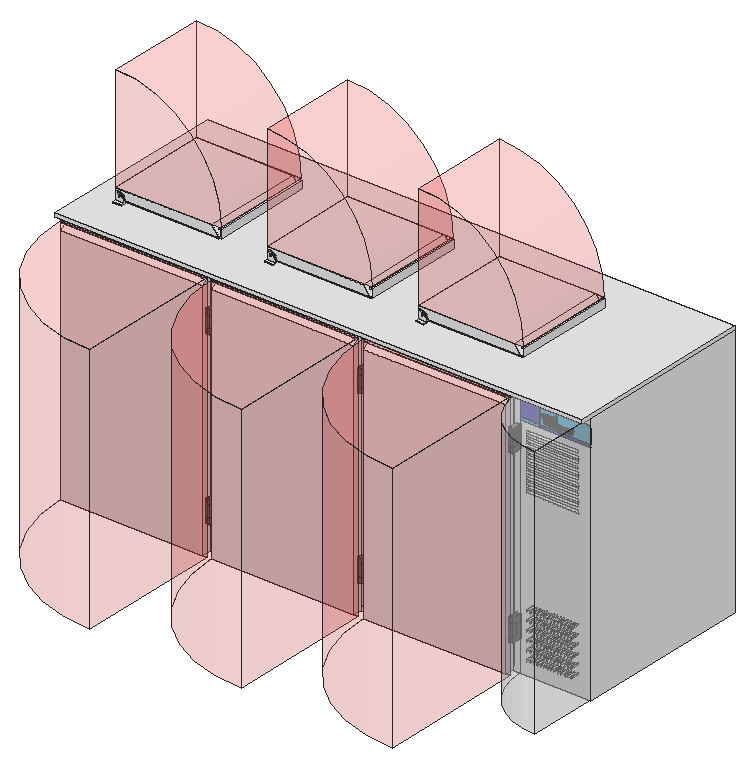
Revit family "QF_Cool-Compact_Abfallkuehler_3x240L_EK", category Sonderausstattung, Revit 2020
Family settings
  Bemaßung runder Anschluss = Durchmesser verwenden
  Teiletyp = Normal
  OmniClass-Nummer = 23.70.30.21.11
  OmniClass-Titel = Complete Solid Waste Removal Systems
  Arbeitsebenenbasiert = Nein
  Immer vertikal = Ja
  Beim Laden mit Abzugskörper schneiden = Nein
  Gemeinsam genutzt = Nein
  Raumberechnungspunkt = Nein
Parameters (values of type "1NAC / 230 V / 50 Hz")
  Zuleitung zum Gerät im Lieferumfang = yes
  Vorgabe-Ansicht = 0 mm
  URL = "https://www.coolcompact.de/"
  Tiefe = 870 mm
  Stecker System = "Schuko / T13"
  Spannung = 230 V
  Schalldruckpegel = "59 dB"
  Phasen = 1
  Notwendige Abstände anzeigen [instance] = yes
  Modell = "AKM032400"
  Länge Gerätebreite = 2400 mm
  Logo anzeigen [instance] = yes
  Kältemittelmenge = 95
  Kältemittel = "R290"
  Kälteleistung = 322 W
  Kälte Verdampfungstemperatur = -15 °C
  Kälte Tauwasserablauf = no
  Kälte Klimaklasse = "5"
  Höhe = 1170 mm
  Hersteller = "Cool Compact"
  Gewicht = 255.00 kg
  Frequenz = 50 Hz
  Watt Leistung = 400 W
  Datenschnittstelle Beschreibung = "RS 485"
  Datenschnittstelle = yes
  CE Kennzeichnung = yes
  Beschreibung = "Konfiskatkühler (3 x 240 Liter), eigengekühlt/steckerfertig"
  Assembly Code = ""
  Keynote = ""
  Anzahl der Pole = 1
Reference planes
  plane 1 "Unten": z = 0
  plane 2 "Links": x = 0
  plane 3 "Vorne": y = -720
  plane 4 "Rechts": x = 2400
  plane 5 "Mitte (Links/rechts)": x = 1200
  plane 6 "Hinten": y = 150
  plane 7 "Mitte (Vorne/hinten)": y = -285
  plane 8 "Oben": z = 1170
Forms (mm)
  Extrusion 1, solid
    sketch origin (0, 140.974, 0) x (1, 0, 0) y (0, 1, 0)
      loop
        line (0, -860.974) -> (2400, -860.974) -> (2400, 9.026) -> (0, 9.026) -> (0, -860.974)
    from 1154 to 1170
  Extrusion 2, solid, material "QF_Plastic-Royal Blue-Matte", visible <- "Logo anzeigen", detail levels fine
    sketch origin (2226.68, -666, 4101.886) x (-1, 0, 0) y (0, 0, 1)
      loop
        line (-173.32, -2980) -> (-173.32, -3056.995) -> (-29.837, -3056.995) -> (-29.837, -3046.791)
        spline (-29.837, -3046.791) -> (-30.186, -3047.048) -> (-30.544, -3047.282) -> (-30.909, -3047.494) -> (-31.283, -3047.683) -> (-31.665, -3047.849) -> (-32.055, -3047.993) -> (-32.455, -3048.115) -> (-32.863, -3048.214) -> (-33.28, -3048.291) -> (-33.707, -3048.346) -> (-34.144, -3048.379) -> (-34.59, -3048.39)
        spline (-34.59, -3048.39) -> (-35.779, -3048.31) -> (-36.911, -3048.077) -> (-37.975, -3047.7) -> (-38.964, -3047.187) -> (-39.868, -3046.548) -> (-40.68, -3045.792) -> (-41.391, -3044.929) -> (-41.991, -3043.967) -> (-42.473, -3042.915) -> (-42.828, -3041.783) -> (-43.047, -3040.58) -> (-43.122, -3039.314)
        spline (-43.122, -3039.314) -> (-43.049, -3037.971) -> (-42.835, -3036.699) -> (-42.487, -3035.507) -> (-42.014, -3034.404) -> (-41.422, -3033.398) -> (-40.721, -3032.499) -> (-39.916, -3031.714) -> (-39.018, -3031.053) -> (-38.032, -3030.523) -> (-36.966, -3030.134) -> (-35.829, -3029.895) -> (-34.628, -3029.813)
        spline (-34.628, -3029.813) -> (-34.163, -3029.823) -> (-33.712, -3029.854) -> (-33.274, -3029.906) -> (-32.848, -3029.98) -> (-32.434, -3030.075) -> (-32.032, -3030.191) -> (-31.641, -3030.329) -> (-31.261, -3030.489) -> (-30.891, -3030.672) -> (-30.53, -3030.876) -> (-30.179, -3031.104) -> (-29.837, -3031.354)
        line (-29.837, -3031.354) -> (-29.837, -3030.2) -> (-25.437, -3030.2) -> (-25.437, -3056.995) -> (58.738, -3056.995)
        arc (58.738, -3056.995) -> (61.207, -3018.528) -> (62.398, -2980) r 1161.123
        line (62.398, -2980) -> (-173.32, -2980)
      loop
        spline (43.108, -3007.333) -> (42.605, -3007.343) -> (42.121, -3007.374) -> (41.652, -3007.426) -> (41.195, -3007.5) -> (40.749, -3007.597) -> (40.31, -3007.717) -> (39.877, -3007.862) -> (39.446, -3008.032) -> (39.016, -3008.227) -> (38.584, -3008.449) -> (38.147, -3008.698) -> (37.704, -3008.976)
        line (37.704, -3008.976) -> (38.75, -3013.854)
        spline (38.75, -3013.854) -> (39.151, -3013.43) -> (39.534, -3013.055) -> (39.901, -3012.726) -> (40.257, -3012.441) -> (40.607, -3012.199) -> (40.954, -3011.995) -> (41.303, -3011.829) -> (41.658, -3011.699) -> (42.023, -3011.601) -> (42.403, -3011.534) -> (42.801, -3011.495) -> (43.222, -3011.483)
        spline (43.222, -3011.483) -> (43.897, -3011.528) -> (44.539, -3011.659) -> (45.142, -3011.872) -> (45.703, -3012.16) -> (46.216, -3012.52) -> (46.677, -3012.946) -> (47.079, -3013.432) -> (47.42, -3013.974) -> (47.693, -3014.566) -> (47.895, -3015.203) -> (48.019, -3015.881) -> (48.061, -3016.594)
        spline (48.061, -3016.594) -> (48.019, -3017.296) -> (47.896, -3017.968) -> (47.696, -3018.602) -> (47.426, -3019.193) -> (47.09, -3019.736) -> (46.694, -3020.224) -> (46.242, -3020.653) -> (45.741, -3021.017) -> (45.194, -3021.309) -> (44.609, -3021.525) -> (43.988, -3021.659) -> (43.339, -3021.705)
        spline (43.339, -3021.705) -> (42.883, -3021.692) -> (42.455, -3021.652) -> (42.051, -3021.583) -> (41.664, -3021.481) -> (41.291, -3021.344) -> (40.926, -3021.17) -> (40.565, -3020.956) -> (40.202, -3020.698) -> (39.834, -3020.396) -> (39.454, -3020.045) -> (39.058, -3019.644) -> (38.641, -3019.189)
        line (38.641, -3019.189) -> (37.599, -3024.064)
        spline (37.599, -3024.064) -> (38.113, -3024.377) -> (38.604, -3024.655) -> (39.076, -3024.901) -> (39.535, -3025.116) -> (39.983, -3025.3) -> (40.425, -3025.455) -> (40.865, -3025.582) -> (41.308, -3025.684) -> (41.757, -3025.761) -> (42.217, -3025.814) -> (42.691, -3025.844) -> (43.185, -3025.854)
        spline (43.185, -3025.854) -> (44.468, -3025.772) -> (45.694, -3025.53) -> (46.852, -3025.141) -> (47.932, -3024.613) -> (48.924, -3023.957) -> (49.816, -3023.183) -> (50.6, -3022.301) -> (51.264, -3021.322) -> (51.799, -3020.255) -> (52.193, -3019.111) -> (52.438, -3017.901) -> (52.521, -3016.633)
        spline (52.521, -3016.633) -> (52.439, -3015.336) -> (52.197, -3014.103) -> (51.805, -3012.943) -> (51.273, -3011.866) -> (50.611, -3010.88) -> (49.827, -3009.995) -> (48.931, -3009.221) -> (47.933, -3008.566) -> (46.842, -3008.041) -> (45.668, -3007.654) -> (44.42, -3007.415) -> (43.108, -3007.333)
      loop
        spline (31.356, -3029.852) -> (30.854, -3029.862) -> (30.369, -3029.892) -> (29.9, -3029.944) -> (29.444, -3030.018) -> (28.998, -3030.115) -> (28.559, -3030.235) -> (28.126, -3030.38) -> (27.696, -3030.549) -> (27.266, -3030.745) -> (26.834, -3030.967) -> (26.398, -3031.216) -> (25.955, -3031.494)
        line (25.955, -3031.494) -> (27.005, -3036.387)
        spline (27.005, -3036.387) -> (27.406, -3035.963) -> (27.788, -3035.588) -> (28.155, -3035.26) -> (28.511, -3034.975) -> (28.86, -3034.733) -> (29.207, -3034.53) -> (29.555, -3034.364) -> (29.91, -3034.234) -> (30.275, -3034.136) -> (30.654, -3034.069) -> (31.051, -3034.03) -> (31.471, -3034.018)
        spline (31.471, -3034.018) -> (32.145, -3034.063) -> (32.785, -3034.194) -> (33.388, -3034.406) -> (33.948, -3034.694) -> (34.46, -3035.054) -> (34.919, -3035.478) -> (35.322, -3035.964) -> (35.662, -3036.505) -> (35.934, -3037.096) -> (36.135, -3037.732) -> (36.26, -3038.409) -> (36.302, -3039.121)
        spline (36.302, -3039.121) -> (36.26, -3039.822) -> (36.136, -3040.492) -> (35.937, -3041.125) -> (35.667, -3041.715) -> (35.332, -3042.257) -> (34.936, -3042.744) -> (34.486, -3043.173) -> (33.985, -3043.536) -> (33.44, -3043.828) -> (32.855, -3044.043) -> (32.236, -3044.177) -> (31.588, -3044.223)
        spline (31.588, -3044.223) -> (31.133, -3044.21) -> (30.706, -3044.17) -> (30.302, -3044.101) -> (29.916, -3043.999) -> (29.543, -3043.863) -> (29.179, -3043.689) -> (28.818, -3043.475) -> (28.456, -3043.218) -> (28.088, -3042.916) -> (27.709, -3042.566) -> (27.314, -3042.165) -> (26.898, -3041.711)
        line (26.898, -3041.711) -> (25.852, -3046.601)
        spline (25.852, -3046.601) -> (26.365, -3046.914) -> (26.856, -3047.192) -> (27.328, -3047.438) -> (27.786, -3047.652) -> (28.233, -3047.836) -> (28.675, -3047.991) -> (29.115, -3048.118) -> (29.557, -3048.22) -> (30.006, -3048.296) -> (30.466, -3048.349) -> (30.94, -3048.38) -> (31.433, -3048.39)
        spline (31.433, -3048.39) -> (32.718, -3048.307) -> (33.945, -3048.066) -> (35.105, -3047.676) -> (36.186, -3047.147) -> (37.178, -3046.49) -> (38.072, -3045.716) -> (38.856, -3044.833) -> (39.521, -3043.853) -> (40.056, -3042.785) -> (40.451, -3041.64) -> (40.695, -3040.429) -> (40.779, -3039.16)
        spline (40.779, -3039.16) -> (40.696, -3037.862) -> (40.454, -3036.628) -> (40.062, -3035.467) -> (39.53, -3034.388) -> (38.867, -3033.402) -> (38.082, -3032.516) -> (37.185, -3031.741) -> (36.186, -3031.086) -> (35.095, -3030.56) -> (33.919, -3030.173) -> (32.67, -3029.933) -> (31.356, -3029.852)
      loop
        line (-13.25, -3047.925) -> (-8.85, -3047.925) -> (-8.85, -3037.572)
        spline (-8.85, -3037.572) -> (-8.819, -3036.747) -> (-8.732, -3036.058) -> (-8.598, -3035.495) -> (-8.425, -3035.044) -> (-8.224, -3034.692) -> (-8.003, -3034.428) -> (-7.772, -3034.239) -> (-7.538, -3034.112) -> (-7.312, -3034.035) -> (-7.103, -3033.996) -> (-6.919, -3033.981) -> (-6.77, -3033.979)
        spline (-6.77, -3033.979) -> (-6.526, -3033.989) -> (-6.289, -3034.019) -> (-6.059, -3034.069) -> (-5.837, -3034.137) -> (-5.626, -3034.222) -> (-5.426, -3034.325) -> (-5.238, -3034.445) -> (-5.064, -3034.58) -> (-4.904, -3034.731) -> (-4.761, -3034.896) -> (-4.634, -3035.075) -> (-4.525, -3035.267)
        line (-4.525, -3035.267) -> (-4.032, -3038.346) -> (-4.032, -3047.925) -> (0.367, -3047.925) -> (0.367, -3030.2) -> (-4.032, -3030.2) -> (-4.032, -3031.183)
        arc (-4.032, -3031.183) -> (-7.959, -3029.818) -> (-11.613, -3031.801) r 5.147
        spline (-11.613, -3031.801) -> (-11.907, -3031.488) -> (-12.22, -3031.201) -> (-12.551, -3030.94) -> (-12.9, -3030.706) -> (-13.268, -3030.498) -> (-13.652, -3030.318) -> (-14.054, -3030.165) -> (-14.471, -3030.038) -> (-14.905, -3029.94) -> (-15.355, -3029.869) -> (-15.819, -3029.827) -> (-16.298, -3029.813)
        spline (-16.298, -3029.813) -> (-16.829, -3029.832) -> (-17.347, -3029.891) -> (-17.85, -3029.987) -> (-18.335, -3030.12) -> (-18.8, -3030.288) -> (-19.244, -3030.49) -> (-19.665, -3030.726) -> (-20.059, -3030.994) -> (-20.425, -3031.293) -> (-20.761, -3031.623) -> (-21.065, -3031.981) -> (-21.335, -3032.367)
        spline (-21.335, -3032.367) -> (-21.507, -3032.665) -> (-21.661, -3032.97) -> (-21.799, -3033.285) -> (-21.92, -3033.612) -> (-22.025, -3033.954) -> (-22.115, -3034.311) -> (-22.189, -3034.687) -> (-22.249, -3035.083) -> (-22.295, -3035.501) -> (-22.327, -3035.944) -> (-22.346, -3036.414) -> (-22.352, -3036.912)
        line (-22.352, -3036.912) -> (-22.352, -3047.925) -> (-17.954, -3047.925) -> (-17.954, -3037.338)
        spline (-17.954, -3037.338) -> (-17.935, -3036.62) -> (-17.879, -3036.011) -> (-17.789, -3035.503) -> (-17.668, -3035.087) -> (-17.517, -3034.754) -> (-17.341, -3034.494) -> (-17.14, -3034.299) -> (-16.919, -3034.16) -> (-16.679, -3034.067) -> (-16.423, -3034.012) -> (-16.154, -3033.986) -> (-15.874, -3033.979)
        spline (-15.874, -3033.979) -> (-15.55, -3033.991) -> (-15.229, -3034.033) -> (-14.916, -3034.115) -> (-14.617, -3034.246) -> (-14.335, -3034.436) -> (-14.076, -3034.693) -> (-13.843, -3035.028) -> (-13.642, -3035.45) -> (-13.478, -3035.967) -> (-13.355, -3036.591) -> (-13.277, -3037.329) -> (-13.25, -3038.191)
        line (-13.25, -3038.191) -> (-13.25, -3047.925)
      loop
        spline (-29.643, -3039.237) -> (-29.681, -3038.483) -> (-29.794, -3037.773) -> (-29.978, -3037.11) -> (-30.228, -3036.498) -> (-30.542, -3035.943) -> (-30.916, -3035.447) -> (-31.345, -3035.017) -> (-31.827, -3034.655) -> (-32.358, -3034.365) -> (-32.933, -3034.154) -> (-33.549, -3034.024) -> (-34.203, -3033.979)
        spline (-34.203, -3033.979) -> (-34.84, -3034.024) -> (-35.44, -3034.155) -> (-36.001, -3034.368) -> (-36.517, -3034.659) -> (-36.987, -3035.024) -> (-37.405, -3035.458) -> (-37.769, -3035.957) -> (-38.075, -3036.516) -> (-38.319, -3037.132) -> (-38.498, -3037.8) -> (-38.608, -3038.516) -> (-38.646, -3039.275)
        spline (-38.646, -3039.275) -> (-38.606, -3039.955) -> (-38.491, -3040.605) -> (-38.305, -3041.218) -> (-38.053, -3041.791) -> (-37.739, -3042.316) -> (-37.37, -3042.789) -> (-36.949, -3043.204) -> (-36.481, -3043.556) -> (-35.972, -3043.84) -> (-35.425, -3044.049) -> (-34.847, -3044.178) -> (-34.241, -3044.223)
        spline (-34.241, -3044.223) -> (-33.591, -3044.18) -> (-32.976, -3044.054) -> (-32.399, -3043.85) -> (-31.865, -3043.572) -> (-31.378, -3043.225) -> (-30.943, -3042.813) -> (-30.563, -3042.341) -> (-30.243, -3041.813) -> (-29.987, -3041.235) -> (-29.798, -3040.609) -> (-29.682, -3039.942) -> (-29.643, -3039.237)
      loop
        line (-16.436, -3025.538) -> (-12.038, -3025.538) -> (-12.038, -2995.65) -> (-16.436, -2995.65) -> (-16.436, -3025.538)
      loop
        line (-63.114, -3047.925) -> (-58.715, -3047.925) -> (-58.715, -3046.834)
        spline (-58.715, -3046.834) -> (-58.375, -3047.087) -> (-58.026, -3047.317) -> (-57.669, -3047.523) -> (-57.301, -3047.707) -> (-56.924, -3047.869) -> (-56.536, -3048.009) -> (-56.137, -3048.126) -> (-55.727, -3048.222) -> (-55.305, -3048.296) -> (-54.87, -3048.348) -> (-54.422, -3048.38) -> (-53.961, -3048.39)
        spline (-53.961, -3048.39) -> (-52.772, -3048.308) -> (-51.64, -3048.068) -> (-50.576, -3047.679) -> (-49.588, -3047.151) -> (-48.683, -3046.493) -> (-47.871, -3045.715) -> (-47.161, -3044.826) -> (-46.56, -3043.835) -> (-46.078, -3042.752) -> (-45.724, -3041.586) -> (-45.504, -3040.346) -> (-45.429, -3039.043)
        spline (-45.429, -3039.043) -> (-45.503, -3037.738) -> (-45.718, -3036.502) -> (-46.067, -3035.345) -> (-46.543, -3034.273) -> (-47.137, -3033.296) -> (-47.841, -3032.422) -> (-48.649, -3031.66) -> (-49.552, -3031.017) -> (-50.543, -3030.503) -> (-51.613, -3030.125) -> (-52.755, -3029.892) -> (-53.961, -3029.813)
        spline (-53.961, -3029.813) -> (-54.417, -3029.823) -> (-54.861, -3029.855) -> (-55.292, -3029.907) -> (-55.712, -3029.981) -> (-56.121, -3030.077) -> (-56.519, -3030.195) -> (-56.907, -3030.334) -> (-57.286, -3030.496) -> (-57.655, -3030.681) -> (-58.017, -3030.888) -> (-58.37, -3031.118) -> (-58.715, -3031.371)
        line (-58.715, -3031.371) -> (-58.715, -3030.2) -> (-63.114, -3030.2) -> (-63.114, -3047.925)
      loop
        spline (-69.9, -3039.121) -> (-69.942, -3039.822) -> (-70.066, -3040.492) -> (-70.265, -3041.125) -> (-70.535, -3041.715) -> (-70.87, -3042.257) -> (-71.266, -3042.744) -> (-71.717, -3043.173) -> (-72.218, -3043.536) -> (-72.763, -3043.828) -> (-73.348, -3044.043) -> (-73.967, -3044.177) -> (-74.615, -3044.223)
        spline (-74.615, -3044.223) -> (-75.07, -3044.21) -> (-75.498, -3044.17) -> (-75.902, -3044.101) -> (-76.288, -3043.999) -> (-76.661, -3043.863) -> (-77.025, -3043.689) -> (-77.386, -3043.475) -> (-77.748, -3043.218) -> (-78.116, -3042.916) -> (-78.495, -3042.566) -> (-78.89, -3042.165) -> (-79.305, -3041.711)
        line (-79.305, -3041.711) -> (-80.363, -3046.597)
        spline (-80.363, -3046.597) -> (-79.848, -3046.91) -> (-79.356, -3047.19) -> (-78.882, -3047.436) -> (-78.423, -3047.65) -> (-77.975, -3047.835) -> (-77.532, -3047.99) -> (-77.091, -3048.118) -> (-76.648, -3048.219) -> (-76.198, -3048.296) -> (-75.738, -3048.349) -> (-75.263, -3048.38) -> (-74.769, -3048.39)
        spline (-74.769, -3048.39) -> (-73.484, -3048.307) -> (-72.257, -3048.066) -> (-71.098, -3047.676) -> (-70.017, -3047.147) -> (-69.025, -3046.49) -> (-68.131, -3045.716) -> (-67.347, -3044.833) -> (-66.682, -3043.853) -> (-66.147, -3042.785) -> (-65.752, -3041.64) -> (-65.507, -3040.429) -> (-65.424, -3039.16)
        spline (-65.424, -3039.16) -> (-65.506, -3037.862) -> (-65.749, -3036.628) -> (-66.141, -3035.467) -> (-66.673, -3034.388) -> (-67.336, -3033.402) -> (-68.121, -3032.516) -> (-69.017, -3031.741) -> (-70.016, -3031.086) -> (-71.108, -3030.56) -> (-72.284, -3030.173) -> (-73.533, -3029.933) -> (-74.847, -3029.852)
        spline (-74.847, -3029.852) -> (-75.35, -3029.862) -> (-75.835, -3029.892) -> (-76.304, -3029.944) -> (-76.762, -3030.018) -> (-77.208, -3030.115) -> (-77.647, -3030.236) -> (-78.081, -3030.38) -> (-78.512, -3030.55) -> (-78.942, -3030.746) -> (-79.375, -3030.968) -> (-79.812, -3031.218) -> (-80.256, -3031.496)
        line (-80.256, -3031.496) -> (-79.199, -3036.387)
        spline (-79.199, -3036.387) -> (-78.798, -3035.963) -> (-78.415, -3035.588) -> (-78.048, -3035.26) -> (-77.692, -3034.975) -> (-77.343, -3034.733) -> (-76.996, -3034.53) -> (-76.647, -3034.364) -> (-76.293, -3034.234) -> (-75.928, -3034.136) -> (-75.549, -3034.069) -> (-75.152, -3034.03) -> (-74.731, -3034.018)
        spline (-74.731, -3034.018) -> (-74.058, -3034.063) -> (-73.417, -3034.194) -> (-72.814, -3034.406) -> (-72.255, -3034.694) -> (-71.742, -3035.054) -> (-71.283, -3035.478) -> (-70.881, -3035.964) -> (-70.541, -3036.505) -> (-70.268, -3037.096) -> (-70.067, -3037.732) -> (-69.943, -3038.409) -> (-69.9, -3039.121)
      loop
        spline (-49.905, -3038.927) -> (-49.945, -3038.247) -> (-50.06, -3037.597) -> (-50.246, -3036.983) -> (-50.499, -3036.411) -> (-50.812, -3035.886) -> (-51.182, -3035.413) -> (-51.603, -3034.998) -> (-52.071, -3034.646) -> (-52.58, -3034.363) -> (-53.127, -3034.153) -> (-53.705, -3034.024) -> (-54.311, -3033.98)
        spline (-54.311, -3033.98) -> (-54.97, -3034.022) -> (-55.591, -3034.145) -> (-56.171, -3034.346) -> (-56.706, -3034.62) -> (-57.192, -3034.963) -> (-57.625, -3035.372) -> (-58.001, -3035.841) -> (-58.318, -3036.368) -> (-58.57, -3036.948) -> (-58.756, -3037.577) -> (-58.869, -3038.251) -> (-58.908, -3038.965)
        spline (-58.908, -3038.965) -> (-58.871, -3039.74) -> (-58.763, -3040.464) -> (-58.585, -3041.134) -> (-58.342, -3041.748) -> (-58.035, -3042.302) -> (-57.667, -3042.792) -> (-57.242, -3043.215) -> (-56.762, -3043.569) -> (-56.23, -3043.85) -> (-55.649, -3044.055) -> (-55.021, -3044.18) -> (-54.349, -3044.222)
        spline (-54.349, -3044.222) -> (-53.721, -3044.177) -> (-53.126, -3044.043) -> (-52.568, -3043.827) -> (-52.052, -3043.531) -> (-51.582, -3043.163) -> (-51.161, -3042.725) -> (-50.794, -3042.224) -> (-50.485, -3041.664) -> (-50.237, -3041.049) -> (-50.056, -3040.384) -> (-49.944, -3039.675) -> (-49.905, -3038.927)
      loop
        line (-89.34, -3024.389) -> (-89.34, -3030.201) -> (-92.207, -3030.201) -> (-92.207, -3034.405) -> (-89.34, -3034.405) -> (-89.34, -3047.925) -> (-84.941, -3047.925) -> (-84.941, -3034.405) -> (-83.276, -3034.405) -> (-83.276, -3030.201) -> (-84.941, -3030.201) -> (-84.941, -3024.389) -> (-89.34, -3024.389)
      loop
        line (-0.47, -3016.17) -> (-4.085, -3018.216) -> (-7.468, -3016.556) -> (-8.42, -3017.907) -> (-5.826, -3019.178) -> (-8.549, -3020.718) -> (-7.462, -3022.348) -> (-4.845, -3020.794) -> (-4.959, -3023.833) -> (-3.404, -3023.315) -> (-3.131, -3019.74) -> (0.289, -3017.703) -> (0.289, -3021.729) -> (-2.873, -3023.815) -> (-2.217, -3025.325) -> (0.279, -3023.69) -> (0.224, -3026.839) -> (2.028, -3026.839) -> (1.974, -3023.69) -> (4.47, -3025.326) -> (5.123, -3023.815) -> (1.964, -3021.729) -> (1.964, -3017.705) -> (5.355, -3019.74) -> (5.657, -3023.317) -> (7.21, -3023.833) -> (7.096, -3020.794) -> (9.72, -3022.352) -> (10.765, -3020.714) -> (8.051, -3019.179) -> (10.674, -3017.908) -> (9.721, -3016.556) -> (6.337, -3018.216) -> (2.724, -3016.17) -> (6.338, -3014.147) -> (9.723, -3015.779) -> (10.675, -3014.423) -> (8.052, -3013.18) -> (10.767, -3011.616) -> (9.717, -3010.015) -> (7.096, -3011.572) -> (7.21, -3008.502) -> (5.657, -3009.019) -> (5.355, -3012.625) -> (1.964, -3014.66) -> (1.964, -3010.634) -> (5.123, -3008.518) -> (4.47, -3007.01) -> (1.974, -3008.646) -> (2.028, -3005.497) -> (0.224, -3005.497) -> (0.279, -3008.646) -> (-2.217, -3007.01) -> (-2.872, -3008.518) -> (0.289, -3010.634) -> (0.289, -3014.661) -> (-3.131, -3012.625) -> (-3.404, -3009.02) -> (-4.959, -3008.502) -> (-4.845, -3011.572) -> (-7.459, -3010.018) -> (-8.553, -3011.612) -> (-5.826, -3013.182) -> (-8.424, -3014.425) -> (-7.471, -3015.779) -> (-4.085, -3014.147) -> (-0.47, -3016.17)
      loop
        line (13.639, -3031.033) -> (13.695, -3027.883) -> (11.889, -3027.883) -> (11.943, -3031.033) -> (9.448, -3029.398) -> (8.793, -3030.904) -> (11.955, -3033.02) -> (11.955, -3037.048) -> (8.534, -3035.011) -> (8.263, -3031.406) -> (6.707, -3030.887) -> (6.823, -3033.957) -> (4.208, -3032.406) -> (3.115, -3033.999) -> (5.84, -3035.568) -> (3.243, -3036.812) -> (4.196, -3038.164) -> (7.58, -3036.534) -> (11.193, -3038.556) -> (7.58, -3040.603) -> (4.196, -3038.941) -> (3.246, -3040.295) -> (5.84, -3041.564) -> (3.117, -3043.105) -> (4.203, -3044.735) -> (6.82, -3043.18) -> (6.707, -3046.219) -> (8.263, -3045.703) -> (8.534, -3042.127) -> (11.955, -3040.09) -> (11.955, -3044.116) -> (8.793, -3046.202) -> (9.448, -3047.712) -> (11.943, -3046.075) -> (11.889, -3049.225) -> (13.695, -3049.225) -> (13.639, -3046.075) -> (16.136, -3047.712) -> (16.788, -3046.202) -> (13.629, -3044.116) -> (13.629, -3040.092) -> (17.021, -3042.127) -> (17.324, -3045.703) -> (18.875, -3046.219) -> (18.763, -3043.18) -> (21.386, -3044.739) -> (22.43, -3043.101) -> (19.717, -3041.565) -> (22.339, -3040.295) -> (21.387, -3038.941) -> (18.002, -3040.603) -> (14.39, -3038.556) -> (18.003, -3036.534) -> (21.388, -3038.164) -> (22.342, -3036.81) -> (19.717, -3035.567) -> (22.433, -3034.002) -> (21.381, -3032.402) -> (18.763, -3033.957) -> (18.875, -3030.887) -> (17.324, -3031.406) -> (17.021, -3035.011) -> (13.629, -3037.046) -> (13.629, -3033.02) -> (16.788, -3030.904) -> (16.136, -3029.398) -> (13.639, -3031.033)
      loop
        line (25.295, -3021.729) -> (25.295, -3017.704) -> (28.686, -3019.74) -> (28.991, -3023.317) -> (30.542, -3023.833) -> (30.428, -3020.794) -> (33.051, -3022.352) -> (34.098, -3020.715) -> (31.383, -3019.18) -> (34.005, -3017.908) -> (33.052, -3016.556) -> (29.668, -3018.216) -> (26.055, -3016.17) -> (29.668, -3014.147) -> (33.055, -3015.779) -> (34.007, -3014.424) -> (31.384, -3013.18) -> (34.099, -3011.616) -> (33.047, -3010.015) -> (30.427, -3011.572) -> (30.542, -3008.502) -> (28.99, -3009.02) -> (28.686, -3012.625) -> (25.295, -3014.66) -> (25.295, -3010.634) -> (28.454, -3008.517) -> (27.802, -3007.01) -> (25.305, -3008.646) -> (25.361, -3005.497) -> (23.555, -3005.497) -> (23.609, -3008.646) -> (21.113, -3007.01) -> (20.46, -3008.517) -> (23.621, -3010.634) -> (23.621, -3014.661) -> (20.201, -3012.625) -> (19.927, -3009.02) -> (18.374, -3008.502) -> (18.486, -3011.572) -> (15.874, -3010.018) -> (14.779, -3011.612) -> (17.506, -3013.182) -> (14.909, -3014.424) -> (15.863, -3015.779) -> (19.245, -3014.147) -> (22.861, -3016.17) -> (19.245, -3018.216) -> (15.864, -3016.556) -> (14.911, -3017.907) -> (17.506, -3019.178) -> (14.782, -3020.718) -> (15.869, -3022.349) -> (18.486, -3020.794) -> (18.374, -3023.833) -> (19.927, -3023.315) -> (20.201, -3019.74) -> (23.621, -3017.703) -> (23.621, -3021.729) -> (20.46, -3023.815) -> (21.113, -3025.326) -> (23.609, -3023.69) -> (23.555, -3026.839) -> (25.361, -3026.839) -> (25.305, -3023.69) -> (27.803, -3025.326) -> (28.456, -3023.815) -> (25.295, -3021.729)
    from 0 to 1
  Extrusion 3, solid, material "QF_Plastic-Blue", visible <- "Logo anzeigen", detail levels fine
    sketch origin (2226.68, -666, 4101.886) x (-1, 0, 0) y (0, 0, 1)
      loop
        line (58.738, -3056.995) -> (-173.32, -3056.995) -> (-173.32, -3068.586) -> (57.742, -3068.586)
        arc (57.742, -3068.586) -> (58.254, -3062.791) -> (58.738, -3056.995) r 1161.123
    from 0 to 1
  Extrusion 4, solid, material "QF_Plastic-Blue", visible <- "Logo anzeigen", detail levels fine
    sketch origin (2226.68, -666, 4101.886) x (1, 0, 0) y (0, 0, 1)
      loop
        line (-62.398, -2980) -> (-146.68, -2980) -> (-146.68, -3056.995) -> (-58.738, -3056.995)
        arc (-58.738, -3056.995) -> (-61.207, -3018.528) -> (-62.398, -2980) r 1161.123
    from -1 to 0
  Extrusion 5, solid, material "QF_Plastic-Opaque White", visible <- "Logo anzeigen", detail levels fine
    sketch origin (2226.68, -666, 4101.886) x (-1, 0, 0) y (0, 0, 1)
      loop
        line (37.704, -3008.976) -> (38.75, -3013.854)
        spline (38.75, -3013.854) -> (39.151, -3013.43) -> (39.534, -3013.055) -> (39.901, -3012.726) -> (40.257, -3012.441) -> (40.607, -3012.199) -> (40.954, -3011.995) -> (41.303, -3011.829) -> (41.658, -3011.699) -> (42.023, -3011.601) -> (42.403, -3011.534) -> (42.801, -3011.495) -> (43.222, -3011.483)
        spline (43.222, -3011.483) -> (43.897, -3011.528) -> (44.539, -3011.659) -> (45.142, -3011.872) -> (45.703, -3012.16) -> (46.216, -3012.52) -> (46.677, -3012.946) -> (47.079, -3013.432) -> (47.42, -3013.974) -> (47.693, -3014.566) -> (47.895, -3015.203) -> (48.019, -3015.881) -> (48.061, -3016.594)
        spline (48.061, -3016.594) -> (48.019, -3017.296) -> (47.896, -3017.968) -> (47.696, -3018.602) -> (47.426, -3019.193) -> (47.09, -3019.736) -> (46.694, -3020.224) -> (46.242, -3020.653) -> (45.741, -3021.017) -> (45.194, -3021.309) -> (44.609, -3021.525) -> (43.988, -3021.659) -> (43.339, -3021.705)
        spline (43.339, -3021.705) -> (42.883, -3021.692) -> (42.455, -3021.652) -> (42.051, -3021.583) -> (41.664, -3021.481) -> (41.291, -3021.344) -> (40.926, -3021.17) -> (40.565, -3020.956) -> (40.202, -3020.698) -> (39.834, -3020.396) -> (39.454, -3020.045) -> (39.058, -3019.644) -> (38.641, -3019.189)
        line (38.641, -3019.189) -> (37.599, -3024.064)
        spline (37.599, -3024.064) -> (38.113, -3024.377) -> (38.604, -3024.655) -> (39.076, -3024.901) -> (39.535, -3025.116) -> (39.983, -3025.3) -> (40.425, -3025.455) -> (40.865, -3025.582) -> (41.308, -3025.684) -> (41.757, -3025.761) -> (42.217, -3025.814) -> (42.691, -3025.844) -> (43.185, -3025.854)
        spline (43.185, -3025.854) -> (44.468, -3025.772) -> (45.694, -3025.53) -> (46.852, -3025.141) -> (47.932, -3024.613) -> (48.924, -3023.957) -> (49.816, -3023.183) -> (50.6, -3022.301) -> (51.264, -3021.322) -> (51.799, -3020.255) -> (52.193, -3019.111) -> (52.438, -3017.901) -> (52.521, -3016.633)
        spline (52.521, -3016.633) -> (52.439, -3015.336) -> (52.197, -3014.103) -> (51.805, -3012.943) -> (51.273, -3011.866) -> (50.611, -3010.88) -> (49.827, -3009.995) -> (48.931, -3009.221) -> (47.933, -3008.566) -> (46.842, -3008.041) -> (45.668, -3007.654) -> (44.42, -3007.415) -> (43.108, -3007.333)
        spline (43.108, -3007.333) -> (42.605, -3007.343) -> (42.121, -3007.374) -> (41.652, -3007.426) -> (41.195, -3007.5) -> (40.749, -3007.597) -> (40.31, -3007.717) -> (39.877, -3007.862) -> (39.446, -3008.032) -> (39.016, -3008.227) -> (38.584, -3008.449) -> (38.147, -3008.698) -> (37.704, -3008.976)
      loop
        line (30.427, -3011.572) -> (30.542, -3008.502) -> (28.99, -3009.02) -> (28.686, -3012.625) -> (25.295, -3014.66) -> (25.295, -3010.634) -> (28.454, -3008.517) -> (27.802, -3007.01) -> (25.305, -3008.646) -> (25.361, -3005.497) -> (23.555, -3005.497) -> (23.609, -3008.646) -> (21.113, -3007.01) -> (20.46, -3008.517) -> (23.621, -3010.634) -> (23.621, -3014.661) -> (20.201, -3012.625) -> (19.927, -3009.02) -> (18.374, -3008.502) -> (18.486, -3011.572) -> (15.874, -3010.018) -> (14.779, -3011.612) -> (17.506, -3013.182) -> (14.909, -3014.424) -> (15.863, -3015.779) -> (19.245, -3014.147) -> (22.861, -3016.17) -> (19.245, -3018.216) -> (15.864, -3016.556) -> (14.911, -3017.907) -> (17.506, -3019.178) -> (14.782, -3020.718) -> (15.869, -3022.349) -> (18.486, -3020.794) -> (18.374, -3023.833) -> (19.927, -3023.315) -> (20.201, -3019.74) -> (23.621, -3017.703) -> (23.621, -3021.729) -> (20.46, -3023.815) -> (21.113, -3025.326) -> (23.609, -3023.69) -> (23.555, -3026.839) -> (25.361, -3026.839) -> (25.305, -3023.69) -> (27.803, -3025.326) -> (28.456, -3023.815) -> (25.295, -3021.729) -> (25.295, -3017.704) -> (28.686, -3019.74) -> (28.991, -3023.317) -> (30.542, -3023.833) -> (30.428, -3020.794) -> (33.051, -3022.352) -> (34.098, -3020.715) -> (31.383, -3019.18) -> (34.005, -3017.908) -> (33.052, -3016.556) -> (29.668, -3018.216) -> (26.055, -3016.17) -> (29.668, -3014.147) -> (33.055, -3015.779) -> (34.007, -3014.424) -> (31.384, -3013.18) -> (34.099, -3011.616) -> (33.047, -3010.015) -> (30.427, -3011.572)
      loop
        line (9.448, -3029.398) -> (8.793, -3030.904) -> (11.955, -3033.02) -> (11.955, -3037.048) -> (8.534, -3035.011) -> (8.263, -3031.406) -> (6.707, -3030.887) -> (6.823, -3033.957) -> (4.208, -3032.406) -> (3.115, -3033.999) -> (5.84, -3035.568) -> (3.243, -3036.812) -> (4.196, -3038.164) -> (7.58, -3036.534) -> (11.193, -3038.556) -> (7.58, -3040.603) -> (4.196, -3038.941) -> (3.246, -3040.295) -> (5.84, -3041.564) -> (3.117, -3043.105) -> (4.203, -3044.735) -> (6.82, -3043.18) -> (6.707, -3046.219) -> (8.263, -3045.703) -> (8.534, -3042.127) -> (11.955, -3040.09) -> (11.955, -3044.116) -> (8.793, -3046.202) -> (9.448, -3047.712) -> (11.943, -3046.075) -> (11.889, -3049.225) -> (13.695, -3049.225) -> (13.639, -3046.075) -> (16.136, -3047.712) -> (16.788, -3046.202) -> (13.629, -3044.116) -> (13.629, -3040.092) -> (17.021, -3042.127) -> (17.324, -3045.703) -> (18.875, -3046.219) -> (18.763, -3043.18) -> (21.386, -3044.739) -> (22.43, -3043.101) -> (19.717, -3041.565) -> (22.339, -3040.295) -> (21.387, -3038.941) -> (18.002, -3040.603) -> (14.39, -3038.556) -> (18.003, -3036.534) -> (21.388, -3038.164) -> (22.342, -3036.81) -> (19.717, -3035.567) -> (22.433, -3034.002) -> (21.381, -3032.402) -> (18.763, -3033.957) -> (18.875, -3030.887) -> (17.324, -3031.406) -> (17.021, -3035.011) -> (13.629, -3037.046) -> (13.629, -3033.02) -> (16.788, -3030.904) -> (16.136, -3029.398) -> (13.639, -3031.033) -> (13.695, -3027.883) -> (11.889, -3027.883) -> (11.943, -3031.033) -> (9.448, -3029.398)
      loop
        line (0.289, -3021.729) -> (-2.873, -3023.815) -> (-2.217, -3025.325) -> (0.279, -3023.69) -> (0.224, -3026.839) -> (2.028, -3026.839) -> (1.974, -3023.69) -> (4.47, -3025.326) -> (5.123, -3023.815) -> (1.964, -3021.729) -> (1.964, -3017.705) -> (5.355, -3019.74) -> (5.657, -3023.317) -> (7.21, -3023.833) -> (7.096, -3020.794) -> (9.72, -3022.352) -> (10.765, -3020.714) -> (8.051, -3019.179) -> (10.674, -3017.908) -> (9.721, -3016.556) -> (6.337, -3018.216) -> (2.724, -3016.17) -> (6.338, -3014.147) -> (9.723, -3015.779) -> (10.675, -3014.423) -> (8.052, -3013.18) -> (10.767, -3011.616) -> (9.717, -3010.015) -> (7.096, -3011.572) -> (7.21, -3008.502) -> (5.657, -3009.019) -> (5.355, -3012.625) -> (1.964, -3014.66) -> (1.964, -3010.634) -> (5.123, -3008.518) -> (4.47, -3007.01) -> (1.974, -3008.646) -> (2.028, -3005.497) -> (0.224, -3005.497) -> (0.279, -3008.646) -> (-2.217, -3007.01) -> (-2.872, -3008.518) -> (0.289, -3010.634) -> (0.289, -3014.661) -> (-3.131, -3012.625) -> (-3.404, -3009.02) -> (-4.959, -3008.502) -> (-4.845, -3011.572) -> (-7.459, -3010.018) -> (-8.553, -3011.612) -> (-5.826, -3013.182) -> (-8.424, -3014.425) -> (-7.471, -3015.779) -> (-4.085, -3014.147) -> (-0.47, -3016.17) -> (-4.085, -3018.216) -> (-7.468, -3016.556) -> (-8.42, -3017.907) -> (-5.826, -3019.178) -> (-8.549, -3020.718) -> (-7.462, -3022.348) -> (-4.845, -3020.794) -> (-4.959, -3023.833) -> (-3.404, -3023.315) -> (-3.131, -3019.74) -> (0.289, -3017.703) -> (0.289, -3021.729)
      loop
        line (-12.038, -2995.65) -> (-16.436, -2995.65) -> (-16.436, -3025.538) -> (-12.038, -3025.538) -> (-12.038, -2995.65)
      loop
        line (-4.032, -3038.346) -> (-4.032, -3047.925) -> (0.367, -3047.925) -> (0.367, -3030.2) -> (-4.032, -3030.2) -> (-4.032, -3031.183)
        arc (-4.032, -3031.183) -> (-7.959, -3029.818) -> (-11.613, -3031.801) r 5.147
        spline (-11.613, -3031.801) -> (-11.907, -3031.488) -> (-12.22, -3031.201) -> (-12.551, -3030.94) -> (-12.9, -3030.706) -> (-13.268, -3030.498) -> (-13.652, -3030.318) -> (-14.054, -3030.165) -> (-14.471, -3030.038) -> (-14.905, -3029.94) -> (-15.355, -3029.869) -> (-15.819, -3029.827) -> (-16.298, -3029.813)
        spline (-16.298, -3029.813) -> (-16.829, -3029.832) -> (-17.347, -3029.891) -> (-17.85, -3029.987) -> (-18.335, -3030.12) -> (-18.8, -3030.288) -> (-19.244, -3030.49) -> (-19.665, -3030.726) -> (-20.059, -3030.994) -> (-20.425, -3031.293) -> (-20.761, -3031.623) -> (-21.065, -3031.981) -> (-21.335, -3032.367)
        spline (-21.335, -3032.367) -> (-21.507, -3032.665) -> (-21.661, -3032.97) -> (-21.799, -3033.285) -> (-21.92, -3033.612) -> (-22.025, -3033.954) -> (-22.115, -3034.311) -> (-22.189, -3034.687) -> (-22.249, -3035.083) -> (-22.295, -3035.501) -> (-22.327, -3035.944) -> (-22.346, -3036.414) -> (-22.352, -3036.912)
        line (-22.352, -3036.912) -> (-22.352, -3047.925) -> (-17.954, -3047.925) -> (-17.954, -3037.338)
        spline (-17.954, -3037.338) -> (-17.935, -3036.62) -> (-17.879, -3036.011) -> (-17.789, -3035.503) -> (-17.668, -3035.087) -> (-17.517, -3034.754) -> (-17.341, -3034.494) -> (-17.14, -3034.299) -> (-16.919, -3034.16) -> (-16.679, -3034.067) -> (-16.423, -3034.012) -> (-16.154, -3033.986) -> (-15.874, -3033.979)
        spline (-15.874, -3033.979) -> (-15.55, -3033.991) -> (-15.229, -3034.033) -> (-14.916, -3034.115) -> (-14.617, -3034.246) -> (-14.335, -3034.436) -> (-14.076, -3034.693) -> (-13.843, -3035.028) -> (-13.642, -3035.45) -> (-13.478, -3035.967) -> (-13.355, -3036.591) -> (-13.277, -3037.329) -> (-13.25, -3038.191)
        line (-13.25, -3038.191) -> (-13.25, -3047.925) -> (-8.85, -3047.925) -> (-8.85, -3037.572)
        spline (-8.85, -3037.572) -> (-8.819, -3036.747) -> (-8.732, -3036.058) -> (-8.598, -3035.495) -> (-8.425, -3035.044) -> (-8.224, -3034.692) -> (-8.003, -3034.428) -> (-7.772, -3034.239) -> (-7.538, -3034.112) -> (-7.312, -3034.035) -> (-7.103, -3033.996) -> (-6.919, -3033.981) -> (-6.77, -3033.979)
        spline (-6.77, -3033.979) -> (-6.526, -3033.989) -> (-6.289, -3034.019) -> (-6.059, -3034.069) -> (-5.837, -3034.137) -> (-5.626, -3034.222) -> (-5.426, -3034.325) -> (-5.238, -3034.445) -> (-5.064, -3034.58) -> (-4.904, -3034.731) -> (-4.761, -3034.896) -> (-4.634, -3035.075) -> (-4.525, -3035.267)
        line (-4.525, -3035.267) -> (-4.032, -3038.346)
      loop
        line (-29.837, -3046.791) -> (-29.837, -3056.99) -> (-25.437, -3056.99) -> (-25.437, -3030.2) -> (-29.837, -3030.2) -> (-29.837, -3031.354)
        spline (-29.837, -3031.354) -> (-30.179, -3031.104) -> (-30.53, -3030.876) -> (-30.891, -3030.672) -> (-31.261, -3030.489) -> (-31.641, -3030.329) -> (-32.032, -3030.191) -> (-32.434, -3030.075) -> (-32.848, -3029.98) -> (-33.274, -3029.906) -> (-33.712, -3029.854) -> (-34.163, -3029.823) -> (-34.628, -3029.813)
        spline (-34.628, -3029.813) -> (-35.829, -3029.895) -> (-36.966, -3030.134) -> (-38.032, -3030.523) -> (-39.018, -3031.053) -> (-39.916, -3031.714) -> (-40.721, -3032.499) -> (-41.422, -3033.398) -> (-42.014, -3034.404) -> (-42.487, -3035.507) -> (-42.835, -3036.699) -> (-43.049, -3037.971) -> (-43.122, -3039.314)
        spline (-43.122, -3039.314) -> (-43.047, -3040.58) -> (-42.828, -3041.783) -> (-42.473, -3042.915) -> (-41.991, -3043.967) -> (-41.391, -3044.929) -> (-40.68, -3045.792) -> (-39.868, -3046.548) -> (-38.964, -3047.187) -> (-37.975, -3047.7) -> (-36.911, -3048.077) -> (-35.779, -3048.31) -> (-34.59, -3048.39)
        spline (-34.59, -3048.39) -> (-34.144, -3048.379) -> (-33.707, -3048.346) -> (-33.28, -3048.291) -> (-32.863, -3048.214) -> (-32.455, -3048.115) -> (-32.055, -3047.993) -> (-31.665, -3047.849) -> (-31.283, -3047.683) -> (-30.909, -3047.494) -> (-30.544, -3047.282) -> (-30.186, -3047.048) -> (-29.837, -3046.791)
      loop
        spline (-34.203, -3033.979) -> (-34.84, -3034.024) -> (-35.44, -3034.155) -> (-36.001, -3034.368) -> (-36.517, -3034.659) -> (-36.987, -3035.024) -> (-37.405, -3035.458) -> (-37.769, -3035.957) -> (-38.075, -3036.516) -> (-38.319, -3037.132) -> (-38.498, -3037.8) -> (-38.608, -3038.516) -> (-38.646, -3039.275)
        spline (-38.646, -3039.275) -> (-38.606, -3039.955) -> (-38.491, -3040.605) -> (-38.305, -3041.218) -> (-38.053, -3041.791) -> (-37.739, -3042.316) -> (-37.37, -3042.789) -> (-36.949, -3043.204) -> (-36.481, -3043.556) -> (-35.972, -3043.84) -> (-35.425, -3044.049) -> (-34.847, -3044.178) -> (-34.241, -3044.223)
        spline (-34.241, -3044.223) -> (-33.591, -3044.18) -> (-32.976, -3044.054) -> (-32.399, -3043.85) -> (-31.865, -3043.572) -> (-31.378, -3043.225) -> (-30.943, -3042.813) -> (-30.563, -3042.341) -> (-30.243, -3041.813) -> (-29.987, -3041.235) -> (-29.798, -3040.609) -> (-29.682, -3039.942) -> (-29.643, -3039.237)
        spline (-29.643, -3039.237) -> (-29.681, -3038.483) -> (-29.794, -3037.773) -> (-29.978, -3037.11) -> (-30.228, -3036.498) -> (-30.542, -3035.943) -> (-30.916, -3035.447) -> (-31.345, -3035.017) -> (-31.827, -3034.655) -> (-32.358, -3034.365) -> (-32.933, -3034.154) -> (-33.549, -3034.024) -> (-34.203, -3033.979)
      loop
        line (-58.715, -3031.371) -> (-58.715, -3030.2) -> (-63.114, -3030.2) -> (-63.114, -3047.925) -> (-58.715, -3047.925) -> (-58.715, -3046.834)
        spline (-58.715, -3046.834) -> (-58.375, -3047.087) -> (-58.026, -3047.317) -> (-57.669, -3047.523) -> (-57.301, -3047.707) -> (-56.924, -3047.869) -> (-56.536, -3048.009) -> (-56.137, -3048.126) -> (-55.727, -3048.222) -> (-55.305, -3048.296) -> (-54.87, -3048.348) -> (-54.422, -3048.38) -> (-53.961, -3048.39)
        spline (-53.961, -3048.39) -> (-52.772, -3048.308) -> (-51.64, -3048.068) -> (-50.576, -3047.679) -> (-49.588, -3047.151) -> (-48.683, -3046.493) -> (-47.871, -3045.715) -> (-47.161, -3044.826) -> (-46.56, -3043.835) -> (-46.078, -3042.752) -> (-45.724, -3041.586) -> (-45.504, -3040.346) -> (-45.429, -3039.043)
        spline (-45.429, -3039.043) -> (-45.503, -3037.738) -> (-45.718, -3036.502) -> (-46.067, -3035.345) -> (-46.543, -3034.273) -> (-47.137, -3033.296) -> (-47.841, -3032.422) -> (-48.649, -3031.66) -> (-49.552, -3031.017) -> (-50.543, -3030.503) -> (-51.613, -3030.125) -> (-52.755, -3029.892) -> (-53.961, -3029.813)
        spline (-53.961, -3029.813) -> (-54.417, -3029.823) -> (-54.861, -3029.855) -> (-55.292, -3029.907) -> (-55.712, -3029.981) -> (-56.121, -3030.077) -> (-56.519, -3030.195) -> (-56.907, -3030.334) -> (-57.286, -3030.496) -> (-57.655, -3030.681) -> (-58.017, -3030.888) -> (-58.37, -3031.118) -> (-58.715, -3031.371)
      loop
        spline (-49.905, -3038.927) -> (-49.945, -3038.247) -> (-50.06, -3037.597) -> (-50.246, -3036.983) -> (-50.499, -3036.411) -> (-50.812, -3035.886) -> (-51.182, -3035.413) -> (-51.603, -3034.998) -> (-52.071, -3034.646) -> (-52.58, -3034.363) -> (-53.127, -3034.153) -> (-53.705, -3034.024) -> (-54.311, -3033.98)
        spline (-54.311, -3033.98) -> (-54.97, -3034.022) -> (-55.591, -3034.145) -> (-56.171, -3034.346) -> (-56.706, -3034.62) -> (-57.192, -3034.963) -> (-57.625, -3035.372) -> (-58.001, -3035.841) -> (-58.318, -3036.368) -> (-58.57, -3036.948) -> (-58.756, -3037.577) -> (-58.869, -3038.251) -> (-58.908, -3038.965)
        spline (-58.908, -3038.965) -> (-58.871, -3039.74) -> (-58.763, -3040.464) -> (-58.585, -3041.134) -> (-58.342, -3041.748) -> (-58.035, -3042.302) -> (-57.667, -3042.792) -> (-57.242, -3043.215) -> (-56.762, -3043.569) -> (-56.23, -3043.85) -> (-55.649, -3044.055) -> (-55.021, -3044.18) -> (-54.349, -3044.222)
        spline (-54.349, -3044.222) -> (-53.721, -3044.177) -> (-53.126, -3044.043) -> (-52.568, -3043.827) -> (-52.052, -3043.531) -> (-51.582, -3043.163) -> (-51.161, -3042.725) -> (-50.794, -3042.224) -> (-50.485, -3041.664) -> (-50.237, -3041.049) -> (-50.056, -3040.384) -> (-49.944, -3039.675) -> (-49.905, -3038.927)
      loop
        line (-80.256, -3031.496) -> (-79.199, -3036.387)
        spline (-79.199, -3036.387) -> (-78.798, -3035.963) -> (-78.415, -3035.588) -> (-78.048, -3035.26) -> (-77.692, -3034.975) -> (-77.343, -3034.733) -> (-76.996, -3034.53) -> (-76.647, -3034.364) -> (-76.293, -3034.234) -> (-75.928, -3034.136) -> (-75.549, -3034.069) -> (-75.152, -3034.03) -> (-74.731, -3034.018)
        spline (-74.731, -3034.018) -> (-74.058, -3034.063) -> (-73.417, -3034.194) -> (-72.814, -3034.406) -> (-72.255, -3034.694) -> (-71.742, -3035.054) -> (-71.283, -3035.478) -> (-70.881, -3035.964) -> (-70.541, -3036.505) -> (-70.268, -3037.096) -> (-70.067, -3037.732) -> (-69.943, -3038.409) -> (-69.9, -3039.121)
        spline (-69.9, -3039.121) -> (-69.942, -3039.822) -> (-70.066, -3040.492) -> (-70.265, -3041.125) -> (-70.535, -3041.715) -> (-70.87, -3042.257) -> (-71.266, -3042.744) -> (-71.717, -3043.173) -> (-72.218, -3043.536) -> (-72.763, -3043.828) -> (-73.348, -3044.043) -> (-73.967, -3044.177) -> (-74.615, -3044.223)
        spline (-74.615, -3044.223) -> (-75.07, -3044.21) -> (-75.498, -3044.17) -> (-75.902, -3044.101) -> (-76.288, -3043.999) -> (-76.661, -3043.863) -> (-77.025, -3043.689) -> (-77.386, -3043.475) -> (-77.748, -3043.218) -> (-78.116, -3042.916) -> (-78.495, -3042.566) -> (-78.89, -3042.165) -> (-79.305, -3041.711)
        line (-79.305, -3041.711) -> (-80.363, -3046.597)
        spline (-80.363, -3046.597) -> (-79.848, -3046.91) -> (-79.356, -3047.19) -> (-78.882, -3047.436) -> (-78.423, -3047.65) -> (-77.975, -3047.835) -> (-77.532, -3047.99) -> (-77.091, -3048.118) -> (-76.648, -3048.219) -> (-76.198, -3048.296) -> (-75.738, -3048.349) -> (-75.263, -3048.38) -> (-74.769, -3048.39)
        spline (-74.769, -3048.39) -> (-73.484, -3048.307) -> (-72.257, -3048.066) -> (-71.098, -3047.676) -> (-70.017, -3047.147) -> (-69.025, -3046.49) -> (-68.131, -3045.716) -> (-67.347, -3044.833) -> (-66.682, -3043.853) -> (-66.147, -3042.785) -> (-65.752, -3041.64) -> (-65.507, -3040.429) -> (-65.424, -3039.16)
        spline (-65.424, -3039.16) -> (-65.506, -3037.862) -> (-65.749, -3036.628) -> (-66.141, -3035.467) -> (-66.673, -3034.388) -> (-67.336, -3033.402) -> (-68.121, -3032.516) -> (-69.017, -3031.741) -> (-70.016, -3031.086) -> (-71.108, -3030.56) -> (-72.284, -3030.173) -> (-73.533, -3029.933) -> (-74.847, -3029.852)
        spline (-74.847, -3029.852) -> (-75.35, -3029.862) -> (-75.835, -3029.892) -> (-76.304, -3029.944) -> (-76.762, -3030.018) -> (-77.208, -3030.115) -> (-77.647, -3030.236) -> (-78.081, -3030.38) -> (-78.512, -3030.55) -> (-78.942, -3030.746) -> (-79.375, -3030.968) -> (-79.812, -3031.218) -> (-80.256, -3031.496)
      loop
        line (-89.34, -3024.389) -> (-89.34, -3030.201) -> (-92.207, -3030.201) -> (-92.207, -3034.405) -> (-89.34, -3034.405) -> (-89.34, -3047.925) -> (-84.941, -3047.925) -> (-84.941, -3034.405) -> (-83.276, -3034.405) -> (-83.276, -3030.201) -> (-84.941, -3030.201) -> (-84.941, -3024.389) -> (-89.34, -3024.389)
      loop
        line (25.955, -3031.494) -> (27.005, -3036.387)
        spline (27.005, -3036.387) -> (27.406, -3035.963) -> (27.788, -3035.588) -> (28.155, -3035.26) -> (28.511, -3034.975) -> (28.86, -3034.733) -> (29.207, -3034.53) -> (29.555, -3034.364) -> (29.91, -3034.234) -> (30.275, -3034.136) -> (30.654, -3034.069) -> (31.051, -3034.03) -> (31.471, -3034.018)
        spline (31.471, -3034.018) -> (32.145, -3034.063) -> (32.785, -3034.194) -> (33.388, -3034.406) -> (33.948, -3034.694) -> (34.46, -3035.054) -> (34.919, -3035.478) -> (35.322, -3035.964) -> (35.662, -3036.505) -> (35.934, -3037.096) -> (36.135, -3037.732) -> (36.26, -3038.409) -> (36.302, -3039.121)
        spline (36.302, -3039.121) -> (36.26, -3039.822) -> (36.136, -3040.492) -> (35.937, -3041.125) -> (35.667, -3041.715) -> (35.332, -3042.257) -> (34.936, -3042.744) -> (34.486, -3043.173) -> (33.985, -3043.536) -> (33.44, -3043.828) -> (32.855, -3044.043) -> (32.236, -3044.177) -> (31.588, -3044.223)
        spline (31.588, -3044.223) -> (31.133, -3044.21) -> (30.706, -3044.17) -> (30.302, -3044.101) -> (29.916, -3043.999) -> (29.543, -3043.863) -> (29.179, -3043.689) -> (28.818, -3043.475) -> (28.456, -3043.218) -> (28.088, -3042.916) -> (27.709, -3042.566) -> (27.314, -3042.165) -> (26.898, -3041.711)
        line (26.898, -3041.711) -> (25.852, -3046.601)
        spline (25.852, -3046.601) -> (26.365, -3046.914) -> (26.856, -3047.192) -> (27.328, -3047.438) -> (27.786, -3047.652) -> (28.233, -3047.836) -> (28.675, -3047.991) -> (29.115, -3048.118) -> (29.557, -3048.22) -> (30.006, -3048.296) -> (30.466, -3048.349) -> (30.94, -3048.38) -> (31.433, -3048.39)
        spline (31.433, -3048.39) -> (32.718, -3048.307) -> (33.945, -3048.066) -> (35.105, -3047.676) -> (36.186, -3047.147) -> (37.178, -3046.49) -> (38.072, -3045.716) -> (38.856, -3044.833) -> (39.521, -3043.853) -> (40.056, -3042.785) -> (40.451, -3041.64) -> (40.695, -3040.429) -> (40.779, -3039.16)
        spline (40.779, -3039.16) -> (40.696, -3037.862) -> (40.454, -3036.628) -> (40.062, -3035.467) -> (39.53, -3034.388) -> (38.867, -3033.402) -> (38.082, -3032.516) -> (37.185, -3031.741) -> (36.186, -3031.086) -> (35.095, -3030.56) -> (33.919, -3030.173) -> (32.67, -3029.933) -> (31.356, -3029.852)
        spline (31.356, -3029.852) -> (30.854, -3029.862) -> (30.369, -3029.892) -> (29.9, -3029.944) -> (29.444, -3030.018) -> (28.998, -3030.115) -> (28.559, -3030.235) -> (28.126, -3030.38) -> (27.696, -3030.549) -> (27.266, -3030.745) -> (26.834, -3030.967) -> (26.398, -3031.216) -> (25.955, -3031.494)
    from 0 to 1
  Extrusion 6, solid, material "QF_Plastic-Royal Blue-Matte", visible <- "Logo anzeigen", detail levels fine
    sketch origin (2226.68, -666, 4101.886) x (1, 0, 0) y (0, 0, 1)
      loop
        line (-146.68, -3056.995) -> (-146.68, -3068.586) -> (-57.742, -3068.586)
        arc (-57.742, -3068.586) -> (-58.254, -3062.791) -> (-58.738, -3056.995) r 1161.123
        line (-58.738, -3056.995) -> (-146.68, -3056.995)
    from -1 to 0
  Extrusion 7, solid, detail levels fine
    sketch origin (0, 28.867, 0) x (1, 0, 0) y (0, 1, 0)
      loop
        line (2080, -693.867) -> (2080, 121.133) -> (0, 121.133) -> (0, -693.867) -> (2080, -693.867)
    from 0 to 1154
  Extrusion 8, solid, detail levels fine
    sketch origin (0, 110.506, -58.921) x (0, 1, 0) y (0, 0, 1)
      loop
        line (-791.506, 1209.921) -> (-826.506, 1209.921) -> (-826.506, 1198.521)
        arc (-826.506, 1198.521) -> (-825.906, 1197.921) -> (-825.306, 1198.521) r 0.6
        line (-825.306, 1198.521) -> (-825.306, 1208.721) -> (-792.706, 1208.721) -> (-792.706, 1196.321) -> (-831.506, 1167.611) -> (-831.506, 68.921) -> (-791.506, 68.921) -> (-791.506, 1209.921)
    from 27.5 to 673.5
  Extrusion 9, solid, detail levels fine
    sketch origin (708.929, 0, 0) x (1, 0, 0) y (0, 0, 1)
      loop
        line (1371.071, 1154) -> (1371.071, 0) -> (1676.071, 0) -> (1676.071, 1154) -> (1371.071, 1154)
      loop
        line (1633.071, 1001.2) -> (1399.071, 1001.2)
        arc (1399.071, 1001.2) -> (1396.95, 1000.321) -> (1396.071, 998.2) r 3
        line (1396.071, 998.2) -> (1396.071, 986.2) -> (1636.071, 986.2) -> (1636.071, 998.2)
        arc (1636.071, 998.2) -> (1635.193, 1000.321) -> (1633.071, 1001.2) r 3
      loop
        arc (1399.071, 979.2) -> (1396.95, 978.321) -> (1396.071, 976.2) r 3
        line (1396.071, 976.2) -> (1396.071, 964.2) -> (1636.071, 964.2) -> (1636.071, 976.2)
        arc (1636.071, 976.2) -> (1635.193, 978.321) -> (1633.071, 979.2) r 3
        line (1633.071, 979.2) -> (1399.071, 979.2)
      loop
        line (1633.071, 957.2) -> (1399.071, 957.2)
        arc (1399.071, 957.2) -> (1396.95, 956.321) -> (1396.071, 954.2) r 3
        line (1396.071, 954.2) -> (1396.071, 942.2) -> (1636.071, 942.2) -> (1636.071, 954.2)
        arc (1636.071, 954.2) -> (1635.193, 956.321) -> (1633.071, 957.2) r 3
      loop
        arc (1399.071, 935.2) -> (1396.95, 934.321) -> (1396.071, 932.2) r 3
        line (1396.071, 932.2) -> (1396.071, 920.2) -> (1636.071, 920.2) -> (1636.071, 932.2)
        arc (1636.071, 932.2) -> (1635.193, 934.321) -> (1633.071, 935.2) r 3
        line (1633.071, 935.2) -> (1399.071, 935.2)
      loop
        line (1633.071, 913.2) -> (1399.071, 913.2)
        arc (1399.071, 913.2) -> (1396.95, 912.321) -> (1396.071, 910.2) r 3
        line (1396.071, 910.2) -> (1396.071, 898.2) -> (1636.071, 898.2) -> (1636.071, 910.2)
        arc (1636.071, 910.2) -> (1635.193, 912.321) -> (1633.071, 913.2) r 3
      loop
        arc (1399.071, 891.2) -> (1396.95, 890.321) -> (1396.071, 888.2) r 3
        line (1396.071, 888.2) -> (1396.071, 876.2) -> (1636.071, 876.2) -> (1636.071, 888.2)
        arc (1636.071, 888.2) -> (1635.193, 890.321) -> (1633.071, 891.2) r 3
        line (1633.071, 891.2) -> (1399.071, 891.2)
      loop
        line (1633.071, 869.2) -> (1399.071, 869.2)
        arc (1399.071, 869.2) -> (1396.95, 868.321) -> (1396.071, 866.2) r 3
        line (1396.071, 866.2) -> (1396.071, 854.2) -> (1636.071, 854.2) -> (1636.071, 866.2)
        arc (1636.071, 866.2) -> (1635.193, 868.321) -> (1633.071, 869.2) r 3
      loop
        arc (1399.071, 847.2) -> (1396.95, 846.321) -> (1396.071, 844.2) r 3
        line (1396.071, 844.2) -> (1396.071, 832.2) -> (1636.071, 832.2) -> (1636.071, 844.2)
        arc (1636.071, 844.2) -> (1635.193, 846.321) -> (1633.071, 847.2) r 3
        line (1633.071, 847.2) -> (1399.071, 847.2)
      loop
        line (1633.071, 825.2) -> (1399.071, 825.2)
        arc (1399.071, 825.2) -> (1396.95, 824.321) -> (1396.071, 822.2) r 3
        line (1396.071, 822.2) -> (1396.071, 810.2) -> (1636.071, 810.2) -> (1636.071, 822.2)
        arc (1636.071, 822.2) -> (1635.193, 824.321) -> (1633.071, 825.2) r 3
      loop
        arc (1399.071, 803.2) -> (1396.95, 802.321) -> (1396.071, 800.2) r 3
        line (1396.071, 800.2) -> (1396.071, 788.2) -> (1636.071, 788.2) -> (1636.071, 800.2)
        arc (1636.071, 800.2) -> (1635.193, 802.321) -> (1633.071, 803.2) r 3
        line (1633.071, 803.2) -> (1399.071, 803.2)
      loop
        line (1633.071, 781.2) -> (1399.071, 781.2)
        arc (1399.071, 781.2) -> (1396.95, 780.321) -> (1396.071, 778.2) r 3
        line (1396.071, 778.2) -> (1396.071, 766.2) -> (1636.071, 766.2) -> (1636.071, 778.2)
        arc (1636.071, 778.2) -> (1635.193, 780.321) -> (1633.071, 781.2) r 3
      loop
        arc (1399.071, 759.2) -> (1396.95, 758.321) -> (1396.071, 756.2) r 3
        line (1396.071, 756.2) -> (1396.071, 744.2) -> (1636.071, 744.2) -> (1636.071, 756.2)
        arc (1636.071, 756.2) -> (1635.193, 758.321) -> (1633.071, 759.2) r 3
        line (1633.071, 759.2) -> (1399.071, 759.2)
      loop
        arc (1398.141, 265.228) -> (1398.141, 259.571) -> (1403.798, 259.571) r 4
        line (1403.798, 259.571) -> (1432.082, 287.856)
        arc (1432.082, 287.856) -> (1432.082, 293.513) -> (1426.425, 293.513) r 4
        line (1426.425, 293.513) -> (1398.141, 265.228)
      loop
        arc (1413.741, 265.228) -> (1413.741, 259.571) -> (1419.398, 259.571) r 4
        line (1419.398, 259.571) -> (1447.682, 287.856)
        arc (1447.682, 287.856) -> (1447.682, 293.513) -> (1442.025, 293.513) r 4
        line (1442.025, 293.513) -> (1413.741, 265.228)
      loop
        line (1434.998, 259.571) -> (1463.282, 287.856)
        arc (1463.282, 287.856) -> (1463.282, 293.513) -> (1457.625, 293.513) r 4
        line (1457.625, 293.513) -> (1429.341, 265.228)
        arc (1429.341, 265.228) -> (1429.341, 259.571) -> (1434.998, 259.571) r 4
      loop
        line (1450.598, 259.571) -> (1478.882, 287.856)
        arc (1478.882, 287.856) -> (1478.882, 293.513) -> (1473.225, 293.513) r 4
        line (1473.225, 293.513) -> (1444.941, 265.228)
        arc (1444.941, 265.228) -> (1444.941, 259.571) -> (1450.598, 259.571) r 4
      loop
        arc (1460.541, 265.228) -> (1460.541, 259.571) -> (1466.198, 259.571) r 4
        line (1466.198, 259.571) -> (1494.482, 287.856)
        arc (1494.482, 287.856) -> (1494.482, 293.513) -> (1488.825, 293.513) r 4
        line (1488.825, 293.513) -> (1460.541, 265.228)
      loop
        arc (1476.141, 265.228) -> (1476.141, 259.571) -> (1481.798, 259.571) r 4
        line (1481.798, 259.571) -> (1510.082, 287.856)
        arc (1510.082, 287.856) -> (1510.082, 293.513) -> (1504.425, 293.513) r 4
        line (1504.425, 293.513) -> (1476.141, 265.228)
      loop
        arc (1491.741, 265.228) -> (1491.741, 259.571) -> (1497.398, 259.571) r 4
        line (1497.398, 259.571) -> (1525.682, 287.856)
        arc (1525.682, 287.856) -> (1525.682, 293.513) -> (1520.025, 293.513) r 4
        line (1520.025, 293.513) -> (1491.741, 265.228)
      loop
        arc (1507.341, 265.228) -> (1507.341, 259.571) -> (1512.998, 259.571) r 4
        line (1512.998, 259.571) -> (1541.282, 287.856)
        arc (1541.282, 287.856) -> (1541.282, 293.513) -> (1535.625, 293.513) r 4
        line (1535.625, 293.513) -> (1507.341, 265.228)
      loop
        arc (1522.941, 265.228) -> (1522.941, 259.571) -> (1528.598, 259.571) r 4
        line (1528.598, 259.571) -> (1556.882, 287.856)
        arc (1556.882, 287.856) -> (1556.882, 293.513) -> (1551.225, 293.513) r 4
        line (1551.225, 293.513) -> (1522.941, 265.228)
      loop
        arc (1538.541, 265.228) -> (1538.541, 259.571) -> (1544.198, 259.571) r 4
        line (1544.198, 259.571) -> (1572.482, 287.856)
        arc (1572.482, 287.856) -> (1572.482, 293.513) -> (1566.825, 293.513) r 4
        line (1566.825, 293.513) -> (1538.541, 265.228)
      loop
        arc (1554.141, 265.228) -> (1554.141, 259.571) -> (1559.798, 259.571) r 4
        line (1559.798, 259.571) -> (1588.082, 287.856)
        arc (1588.082, 287.856) -> (1588.082, 293.513) -> (1582.425, 293.513) r 4
        line (1582.425, 293.513) -> (1554.141, 265.228)
      loop
        arc (1569.741, 265.228) -> (1569.741, 259.571) -> (1575.398, 259.571) r 4
        line (1575.398, 259.571) -> (1603.682, 287.856)
        arc (1603.682, 287.856) -> (1603.682, 293.513) -> (1598.025, 293.513) r 4
        line (1598.025, 293.513) -> (1569.741, 265.228)
      loop
        arc (1585.341, 265.228) -> (1585.341, 259.571) -> (1590.998, 259.571) r 4
        line (1590.998, 259.571) -> (1619.282, 287.856)
        arc (1619.282, 287.856) -> (1619.282, 293.513) -> (1613.625, 293.513) r 4
        line (1613.625, 293.513) -> (1585.341, 265.228)
      loop
        arc (1600.941, 265.228) -> (1600.941, 259.571) -> (1606.598, 259.571) r 4
        line (1606.598, 259.571) -> (1634.882, 287.856)
        arc (1634.882, 287.856) -> (1634.882, 293.513) -> (1629.225, 293.513) r 4
        line (1629.225, 293.513) -> (1600.941, 265.228)
      loop
        arc (1398.141, 224.928) -> (1398.141, 219.271) -> (1403.798, 219.271) r 4
        line (1403.798, 219.271) -> (1432.082, 247.556)
        arc (1432.082, 247.556) -> (1432.082, 253.213) -> (1426.425, 253.213) r 4
        line (1426.425, 253.213) -> (1398.141, 224.928)
